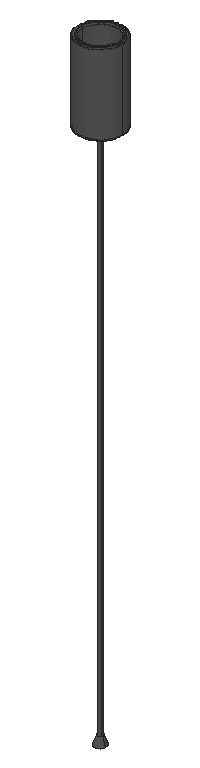
Revit family "CARLO CYLINDER LIGHT Pendant_ Surface", category Lighting Fixtures, host Face, Revit 2020 (continued)
Types (13): name | Wattage_Input | Wattage Comments | Wattage | built-in parameter 1150134 | Size 08 | Size 04 | Photometric Web File | built-in parameter 1150142 | Model | built-in parameter 1150105 | Lumens | built-in parameter 1150107 | built-in parameter 1150106 | Fixture Height | Fixture Diameter | BEAMING ANGLE | Apparent Load
  CCL4-07-20SPSW8-40-PSM-BK | 20 W | "12W/16W/20W" | 11.4446 W | (empty or 0) | no | yes | "CCL4_20W_2700K_40__.IES" | "IESNA:LM-63-2002\r\n[TEST] 001\r\n[TESTLAB] \r\n[TESTDATE] 2024-05-20\r\n[ISSUEDATE] 2024-05-20 13:34:57\r\n[LAMPPOSITION] 0,0\r\n[OTHER] EVERFINE GO-2000B_V1 SYSTEM\r\n[MANUFAC] Aboveall lighting\r\n[LUMINAIRE] CCL4 20W 2700K 40¡ã \r\nTILT=NONE\r\n1 1635.6 1 181 17 1 2 -0.104 -0.104 0.000\r\n1.000 1 20.1329\r\n0.0    1.0    2.0    3.0    4.0    5.0    6.0    7.0    8.0    9.0    \r\n 10.0   11.0   12.0   13.0   14.0   15.0   16.0   17.0   18.0   19.0   \r\n 20.0   21.0   22.0   23.0   24.0   25.0   26.0   27.0   28.0   29.0   \r\n 30.0   31.0   32.0   33.0   34.0   35.0   36.0   37.0   38.0   39.0   \r\n 40.0   41.0   42.0   43.0   44.0   45.0   46.0   47.0   48.0   49.0   \r\n 50.0   51.0   52.0   53.0   54.0   55.0   56.0   57.0   58.0   59.0   \r\n 60.0   61.0   62.0   63.0   64.0   65.0   66.0   67.0   68.0   69.0   \r\n 70.0   71.0   72.0   73.0   74.0   75.0   76.0   77.0   78.0   79.0   \r\n 80.0   81.0   82.0   83.0   84.0   85.0   86.0   87.0   88.0   89.0   \r\n 90.0   91.0   92.0   93.0   94.0   95.0   96.0   97.0   98.0   99.0   \r\n 100.0  101.0  102.0  103.0  104.0  105.0  106.0  107.0  108.0  109.0  \r\n 110.0  111.0  112.0  113.0  114.0  115.0  116.0  117.0  118.0  119.0  \r\n 120.0  121.0  122.0  123.0  124.0  125.0  126.0  127.0  128.0  129.0  \r\n 130.0  131.0  132.0  133.0  134.0  135.0  136.0  137.0  138.0  139.0  \r\n 140.0  141.0  142.0  143.0  144.0  145.0  146.0  147.0  148.0  149.0  \r\n 150.0  151.0  152.0  153.0  154.0  155.0  156.0  157.0  158.0  159.0  \r\n 160.0  161.0  162.0  163.0  164.0  165.0  166.0  167.0  168.0  169.0  \r\n 170.0  171.0  172.0  173.0  174.0  175.0  176.0  177.0  178.0  179.0  \r\n 180.0  \r\n0.0    22.5   45.0   67.5   90.0   112.5  135.0  157.5  180.0  202.5  \r\n 225.0  247.5  270.0  292.5  315.0  337.5  360.0  \r\n3342.6 3342.4 3330.1 3310.2 3279.5 3234.1 3176.6 3105.1 3022 2929.7 \r\n 2829.3 2719.4 2596.2 2455.9 2307.9 2148.4 1979.2 1809.9 1643.4 1484 \r\n 1330.6 1187.2 1068.7 950.48 854.87 774.83 713.41 669.5 639.18 616.72 \r\n 602.22 588.43 578.93 566.84 549.04 534.17 516.83 484.77 445.35 396.19 \r\n 345.88 292.95 240.13 186.35 139.01 98.265 57.591 35.791 29.465 24.645 \r\n 21.075 19.458 18.279 17.041 15.759 14.536 13.448 12.438 11.27 10.31 \r\n 9.2178 8.3254 7.397 6.5236 5.7384 4.9224 4.2452 3.5577 3.0211 2.4903 \r\n 2.0748 1.7322 1.4628 1.2887 1.1396 1.0305 0.93387 0.85722 0.78479 0.72831 \r\n 0.71179 0.6957 0.69156 0.64785 0.56391 0.47152 0.21616 0.14554 0.06525 0.0007226 \r\n 0 0 0 0 0 0 0 0 0 0 \r\n 0 0 0 0 0 0.0079599 0.027891 0.055939 0.088061 0.12023 \r\n 0.16035 0.20454 0.25275 0.29305 0.34122 0.39744 0.45772 0.50994 0.57015 0.63842 \r\n 0.70281 0.77907 0.86343 0.94788 1.0363 1.1367 1.2452 1.3538 1.4819 1.6225 \r\n 1.7712 1.9279 2.1086 2.2935 2.4905 2.6915 2.9045 3.1335 3.3628 3.6119 \r\n 3.8486 4.1057 4.3591 4.6244 4.8898 5.1473 5.4086 5.678 5.9434 6.1969 \r\n 6.4542 6.7069 6.9523 7.1897 7.4071 7.6163 7.8214 8.0146 8.1997 8.3727 \r\n 8.5496 8.7027 8.8471 8.976 9.0888 9.1935 9.2782 9.3348 9.3792 9.4155 \r\n 9.4477 9.46 9.48 9.4802 9.504 9.5242 9.5443 9.5803 9.6363 9.7165 \r\n 9.6912 \r\n3342.6 3346.1 3340 3323.9 3299.3 3267 3214.2 3150.7 3077.6 2990.4 \r\n 2895.1 2794.1 2668.2 2542.1 2399 2239.8 2078.6 1907.3 1736.4 1572.1 \r\n 1411.1 1260.5 1125.9 1006.6 902.98 811.06 741.63 688.63 652.34 624.96 \r\n 605.73 592.62 582.17 572.51 552.93 540.14 526.14 504.61 467.25 418.46 \r\n 367.63 316.45 263.97 211.49 160.57 110.55 68.329 38.744 29.223 24.77 \r\n 21.172 19.159 18.102 17.078 15.867 14.697 13.568 12.59 11.489 10.525 \r\n 9.5635 8.5718 7.7148 6.7403 5.9949 5.1646 4.4986 3.8407 3.1921 2.6912 \r\n 2.16 1.8133 1.5154 1.3061 1.153 1.0324 0.92759 0.84689 0.77032 0.75242 \r\n 0.73453 0.71663 0.69873 0.68083 0.55235 0.4947 0.32156 0.14474 0.072079 0 \r\n 0 0 0 0 0 0 0 0 0 0 \r\n 0 0 0.000102 0.012177 0.02025 0.028545 0.060763 0.085021 0.11328 0.14158 \r\n 0.18595 0.22631 0.26671 0.31118 0.36363 0.4121 0.46465 0.52516 0.58175 0.64642 \r\n 0.71885 0.7875 0.86026 0.94506 1.0339 1.1268 1.2278 1.3329 1.4581 1.5874 \r\n 1.7328 1.8823 2.0474 2.2291 2.4109 2.6088 2.8187 3.0368 3.2629 3.4971 \r\n 3.7354 3.9856 4.236 4.5017 4.7601 5.0265 5.2969 5.5553 5.8257 6.0881 \r\n 6.3464 6.6047 6.8548 7.0929 7.3223 7.5402 7.746 7.9397 8.1374 8.319 \r\n 8.4925 8.6619 8.8112 8.9523 9.0773 9.1858 9.2745 9.343 9.4034 9.4437 \r\n 9.4719 9.496 9.5042 9.5284 9.5486 9.5729 9.6014 9.6537 9.7021 9.7461 \r\n 9.6912 \r\n3342.6 3345.6 3340.1 3328.4 3308 3277.6 3237 3179.7 3107.8 3027.3 \r\n 2931.7 2823.1 2700.5 2564.5 2417.6 2261.9 2098.2 1925.9 1756.4 1594.4 \r\n 1436.9 1286.3 1159 1032.1 922.8 831.26 755.15 697.79 658.42 630.24 \r\n 608.37 591.71 580.98 571.37 551.98 539.13 525.28 506.14 470.04 426.85 \r\n 373.88 320.25 266.37 209.91 159.21 115.52 71.914 41.865 31.251 26.071 \r\n 22.149 19.887 18.705 17.639 16.391 15.161 13.919 12.865 11.757 10.725 \r\n 9.7374 8.721 7.8573 6.8438 6.0441 5.2191 4.4498 3.8131 3.2259 2.7394 \r\n 2.2339 1.8883 1.5933 1.3779 1.2314 1.1057 1.0003 0.91507 0.83811 0.76524 \r\n 0.72043 0.70394 0.68376 0.68355 0.58769 0.54253 0.40611 0.19661 0.13017 0.029449 \r\n 0.00031113 0 0 0 0 0 0 0 0 0 \r\n 0 0 0 0 0 0 0.0079879 0.036053 0.068369 0.096737 \r\n 0.13705 0.18151 0.21401 0.26238 0.31493 0.35952 0.41603 0.47251 0.52915 0.60577 \r\n 0.66665 0.73533 0.80811 0.89293 0.97789 1.0708 1.1759 1.2691 1.3978 1.5233 \r\n 1.6687 1.8183 1.988 2.1579 2.3518 2.55 2.7523 2.9746 3.1971 3.4276 \r\n 3.6616 3.9082 4.159 4.4178 4.6807 4.9437 5.2147 5.4697 5.7366 5.9996 \r\n 6.2546 6.5048 6.7556 6.9984 7.2252 7.4477 7.6543 7.8486 8.0348 8.2249 \r\n 8.395 8.5609 8.7224 8.8522 8.9697 9.079 9.1763 9.2534 9.2942 9.3387 \r\n 9.3592 9.3794 9.4037 9.4199 9.444 9.4643 9.4846 9.5128 9.5531 9.6095 \r\n 9.6912 \r\n3342.6 3348.6 3345.3 3337.9 3319.3 3293.4 3258.9 3208.2 3140 3058.7 \r\n 2963.7 2859 2734 2593.6 2453 2293.2 2131.1 1962.6 1799.9 1637.5 \r\n 1477.5 1329.3 1189.9 1060.1 949.84 852.89 771.14 708.73 665.15 633.18 \r\n 610.13 591.57 577.59 567.13 551.3 539.41 525.81 507.83 475.39 430.77 \r\n 380.17 327.43 271.75 216.11 163.87 116.2 74.821 44.814 32.536 27.345 \r\n 23.063 20.455 19.294 18.095 16.813 15.555 14.266 13.19 12.078 10.963 \r\n 9.9595 8.8732 7.9312 6.9501 6.0804 5.2732 4.5233 3.89 3.2461 2.7673 \r\n 2.3055 1.9326 1.6209 1.3943 1.2321 1.0867 0.9812 0.88392 0.80278 0.72573 \r\n 0.65695 0.61259 0.60048 0.59612 0.55913 0.47399 0.39596 0.1659 0.10477 0.012075 \r\n 0 0 0 0 0 0 0 0 0 0 \r\n 0 0 0.000068 0.0082207 0.020396 0.032646 0.052939 0.07331 0.10172 0.1302 \r\n 0.17881 0.21534 0.25197 0.30067 0.34941 0.40217 0.45493 0.50777 0.56864 0.62964 \r\n 0.70241 0.76344 0.84461 0.92581 1.0111 1.1045 1.206 1.3076 1.4213 1.5473 \r\n 1.6894 1.8356 1.9976 2.1682 2.359 2.5499 2.757 2.9762 3.1994 3.4309 \r\n 3.6744 3.9139 4.1657 4.4247 4.6885 4.9483 5.2201 5.4759 5.7356 5.9994 \r\n 6.255 6.5067 6.7663 7.0057 7.2363 7.4594 7.6664 7.8733 8.068 8.2547 \r\n 8.4372 8.6036 8.7698 8.9158 9.0494 9.1546 9.2559 9.3328 9.3855 9.43 \r\n 9.4584 9.4786 9.4867 9.495 9.5193 9.5396 9.5681 9.6004 9.629 9.6814 \r\n 9.6912 \r\n3342.6 3347.2 3343.6 3334.9 3315.2 3290.8 3253.8 3201.6 3135.8 3052.2 \r\n 2956.9 2847.5 2725.1 2584 2442.6 2281.4 2119.4 1949.4 1788 1626.5 \r\n 1471.7 1324.7 1187.3 1061.5 949.5 850.64 768.19 706.54 663.38 631.11 \r\n 607.21 589.19 576.01 564.3 550.83 538.95 525.32 507.05 471.36 427.13 \r\n 376.77 322.79 268.85 216.71 164.61 116.25 73.951 42.681 32.208 27.536 \r\n 23.437 21.046 19.744 18.441 17.146 15.836 14.516 13.434 12.359 11.208 \r\n 10.195 9.0246 8.0525 7.0698 6.172 5.3541 4.5881 3.9505 3.2991 2.8074 \r\n 2.3322 1.9357 1.6181 1.3944 1.2178 1.0768 0.96679 0.87252 0.79377 0.71131 \r\n 0.64455 0.58978 0.56247 0.55436 0.52624 0.45157 0.38337 0.16844 0.097606 0.027242 \r\n 0 0 0 0 0 0 0 0 0 0 \r\n 0.000042 0.003934 0.0040219 0.011847 0.015919 0.031659 0.047447 0.067219 0.094763 0.12223 \r\n 0.14982 0.18138 0.22073 0.26012 0.30354 0.3585 0.40201 0.46483 0.51608 0.5751 \r\n 0.63405 0.70098 0.77185 0.84666 0.9254 1.0082 1.1027 1.2011 1.3035 1.4177 \r\n 1.5399 1.6774 1.8271 1.9924 2.1617 2.3428 2.528 2.7365 2.9454 3.1773 \r\n 3.3941 3.6381 3.8861 4.1411 4.3853 4.6567 4.9165 5.1839 5.4398 5.7034 \r\n 5.9632 6.2306 6.4863 6.7381 6.9852 7.2173 7.4416 7.6696 7.8782 8.0866 \r\n 8.2872 8.4799 8.6608 8.8298 8.983 9.1202 9.2341 9.3322 9.4029 9.4618 \r\n 9.5088 9.5403 9.5716 9.5913 9.611 9.6306 9.6465 9.678 9.7176 9.772 \r\n 9.6912 \r\n3342.6 3344.3 3335.7 3319.5 3296.3 3264.9 3218.5 3162.9 3086.5 2996.6 \r\n 2895.7 2785.3 2656.3 2516.3 2369.1 2208.2 2042.9 1876.4 1715.3 1558.5 \r\n 1407.7 1265.5 1142.7 1020 910.39 816.36 739.66 684.07 644.8 616.34 \r\n 596.71 581.22 567.99 555.26 544.11 532.72 518.84 492.31 453.32 407.08 \r\n 353.12 301.4 247.85 196.43 145.03 102.44 59.927 37.36 30.221 25.571 \r\n 22.145 20.321 18.744 17.61 16.346 15.128 13.958 13.055 11.923 10.958 \r\n 10.01 8.9393 8.0295 7.0075 6.1689 5.2536 4.5301 3.8633 3.2561 2.7516 \r\n 2.2637 1.8861 1.5614 1.3501 1.1949 1.0756 0.97623 0.88888 0.80556 0.72621 \r\n 0.66263 0.61491 0.57126 0.55131 0.49222 0.44844 0.31839 0.17573 0.1155 0.020632 \r\n 0.00016339 0 0 0 0 0 0 0 0 0 \r\n 0 0 0 0 0 0 0.011778 0.035455 0.055322 0.094795 \r\n 0.11873 0.15825 0.19398 0.24147 0.28512 0.32875 0.38418 0.4474 0.49907 0.55848 \r\n 0.62583 0.69324 0.76459 0.84384 0.91922 1.0103 1.1055 1.2085 1.3113 1.438 \r\n 1.5649 1.7036 1.862 2.0207 2.2068 2.3854 2.5835 2.7975 3.0117 3.2376 \r\n 3.4631 3.7009 3.9467 4.1965 4.4542 4.712 4.9815 5.2434 5.4972 5.7628 \r\n 6.0167 6.2738 6.5316 6.7697 7.0076 7.2338 7.4677 7.6781 7.8844 8.0827 \r\n 8.2731 8.4517 8.6218 8.7845 8.9157 9.0347 9.138 9.2254 9.2891 9.3446 \r\n 9.3844 9.4123 9.444 9.4678 9.4955 9.535 9.5708 9.5947 9.642 9.6818 \r\n 9.6912 \r\n3342.6 3339.7 3326.1 3305.4 3275 3232 3179.5 3116.4 3032 2942.5 \r\n 2838.3 2723.7 2589.8 2455.6 2306.8 2146.6 1984.5 1817.4 1660.9 1504.8 \r\n 1358.4 1221 1092.3 975.7 872.31 781.7 712.74 666.29 632.4 610.57 \r\n 590.7 575.45 564.09 550 538.66 526.75 510.12 478.65 437.12 391.44 \r\n 339.44 286.69 233.34 180 127.75 85.055 51.319 35.074 29.874 25.359 \r\n 22.422 20.477 18.408 17.103 15.825 14.459 13.359 12.407 11.21 10.377 \r\n 9.297 8.371 7.4372 6.5008 5.6814 4.9008 4.2696 3.5733 3.0705 2.5721 \r\n 2.1102 1.736 1.4418 1.2389 1.0838 0.97248 0.87288 0.78912 0.70944 0.64159 \r\n 0.57402 0.5304 0.51045 0.48987 0.41814 0.35314 0.19849 0.099129 0.039478 0 \r\n 0 0 0 0 0 0 0 0 0 0 \r\n 0 0.0001308 0.012014 0.016095 0.028161 0.048066 0.064078 0.08413 0.11211 0.14399 \r\n 0.17991 0.21587 0.25582 0.2998 0.35164 0.39957 0.45145 0.50343 0.56334 0.62723 \r\n 0.69493 0.76672 0.83469 0.91459 1.0024 1.0942 1.1862 1.2939 1.3979 1.5218 \r\n 1.6654 1.797 1.9568 2.1323 2.3081 2.4998 2.7034 2.911 3.1266 3.3541 \r\n 3.5856 3.8214 4.0806 4.3275 4.5909 4.8504 5.1176 5.3771 5.6404 5.8998 \r\n 6.1593 6.4225 6.6777 6.9132 7.1558 7.3753 7.5986 7.8061 8.0094 8.197 \r\n 8.3844 8.5599 8.7233 8.8748 9.0103 9.1294 9.2251 9.3088 9.3883 9.432 \r\n 9.4638 9.48 9.5156 9.5318 9.5637 9.5917 9.6275 9.6634 9.6994 9.7432 \r\n 9.6912 \r\n3342.6 3331.2 3311.3 3280.3 3235.7 3182.5 3121.1 3041.9 2951.5 2856.2 \r\n 2748.6 2624.3 2487.6 2341 2186.7 2027.2 1862.1 1702.6 1548.5 1399.7 \r\n 1260.1 1135.7 1011.5 902.63 809.35 734.76 680.7 643 618.06 598.08 \r\n 581.05 568.27 553.64 541.84 531.36 517.22 491.88 454.64 409.9 361.4 \r\n 309.32 254.44 199.83 147.91 105.69 63.564 39.621 31.913 26.709 23.099 \r\n 21.156 18.606 17.335 15.99 14.726 13.579 12.656 11.492 10.588 9.5749 \r\n 8.6525 7.7849 6.8359 6.0489 5.2516 4.5852 3.9199 3.3143 2.8125 2.3076 \r\n 1.9061 1.5809 1.3564 1.1954 1.059 0.95447 0.86616 0.79389 0.70984 0.64158 \r\n 0.60525 0.57713 0.57294 0.48961 0.4491 0.31379 0.16166 0.10467 0.024738 0.00020399 \r\n 0 0 0 0 0 0 0 0 0 0 \r\n 0 0 0 0 0 0.015908 0.031894 0.059827 0.091847 0.11994 \r\n 0.15593 0.19994 0.24402 0.28413 0.33612 0.38424 0.45222 0.50032 0.56031 0.62439 \r\n 0.68851 0.76454 0.84068 0.92079 1.0129 1.113 1.2092 1.3173 1.4411 1.5693 \r\n 1.7173 1.8696 2.0338 2.21 2.4022 2.5945 2.8107 3.0271 3.2515 3.4838 \r\n 3.7236 3.968 4.2243 4.4808 4.7412 5.0057 5.2742 5.5347 5.7952 6.0596 \r\n 6.3122 6.5759 6.8205 7.057 7.2895 7.51 7.7185 7.9229 8.1193 8.3077 \r\n 8.4762 8.6445 8.8004 8.9329 9.0533 9.1616 9.238 9.3062 9.3505 9.3906 \r\n 9.4227 9.4428 9.451 9.4629 9.4908 9.5109 9.5548 9.6068 9.6668 9.715 \r\n 9.6912 \r\n3342.6 3327.7 3303.1 3264.5 3209.2 3149.4 3076.9 2994.2 2899.2 2802.9 \r\n 2682 2560.8 2419.3 2268 2111.6 1948.3 1787.3 1626.2 1477.4 1332.6 \r\n 1194.1 1068.2 955.21 852.67 769.75 706.92 660.54 630.36 608.83 590.7 \r\n 575.34 564.2 551.31 539.83 527.18 510.64 478.59 438.1 388.92 337.27 \r\n 285.27 232.41 179.58 130.23 85.231 50.779 35.259 29.863 24.584 21.454 \r\n 19.558 17.795 16.511 15.197 13.968 12.923 11.941 10.833 9.9466 8.8997 \r\n 8.0744 7.1788 6.3748 5.5949 4.8344 4.2225 3.5484 3.0179 2.5198 2.0665 \r\n 1.7093 1.421 1.2364 1.0801 0.96776 0.87552 0.7832 0.70692 0.6427 0.59069 \r\n 0.56277 0.55468 0.54167 0.44951 0.38335 0.17188 0.091826 0.027854 0 0 \r\n 0 0 0 0 0 0 0 0 0 0 \r\n 0.000086 0.0081287 0.016216 0.028373 0.048339 0.056669 0.088743 0.11297 0.14509 0.17329 \r\n 0.21354 0.25773 0.29799 0.34236 0.39862 0.45094 0.50724 0.56359 0.62396 0.68845 \r\n 0.76461 0.837 0.90955 0.99802 1.0867 1.1912 1.2957 1.3967 1.5294 1.6663 \r\n 1.8152 1.9717 2.1407 2.3219 2.519 2.7241 2.9334 3.1587 3.3881 3.6333 \r\n 3.8708 4.1281 4.3816 4.6422 4.8997 5.169 5.4265 5.6919 5.9571 6.2066 \r\n 6.4679 6.7251 6.9703 7.2035 7.4319 7.6451 7.8581 8.059 8.248 8.4329 \r\n 8.6096 8.7664 8.9189 9.0514 9.1677 9.2598 9.3361 9.3962 9.4363 9.4684 \r\n 9.4925 9.5124 9.5166 9.5325 9.5368 9.5608 9.581 9.6133 9.6617 9.7179 \r\n 9.6912 \r\n3342.6 3325 3293.4 3247.7 3186.8 3119.1 3040.5 2947 2849.4 2744.2 \r\n 2620.3 2482.2 2332.4 2177.8 2019.9 1855.2 1693.4 1538.6 1391.9 1248.4 \r\n 1126.2 1004.1 897.68 807.32 736.86 684.36 647.34 620.19 599.57 584.06 \r\n 572.51 560.69 549.36 537.33 522.63 501.34 464.86 416.85 365.92 314.52 \r\n 260.47 207.74 155.2 110.1 65.066 38.492 29.991 25.271 21.746 19.901 \r\n 18.485 17.388 16.254 15.064 13.913 12.955 11.81 10.844 9.8227 8.8134 \r\n 7.9285 6.927 6.1217 5.2465 4.5345 3.864 3.2139 2.7161 2.1996 1.8391 \r\n 1.5359 1.3172 1.1718 1.0504 0.94133 0.86033 0.7796 0.71487 0.6783 0.66198 \r\n 0.64583 0.6417 0.54554 0.48088 0.31639 0.16688 0.10149 0.024902 0.00021139 0 \r\n 0 0 0 0 0 0 0 0 0 0 \r\n 0 0 0 0 0.0080102 0.032108 0.056262 0.076484 0.11666 0.14903 \r\n 0.18932 0.22969 0.27005 0.32243 0.37891 0.43542 0.48793 0.54426 0.60876 0.67735 \r\n 0.75397 0.82666 0.91132 0.99609 1.0969 1.2018 1.2987 1.4197 1.5604 1.7057 \r\n 1.859 2.0244 2.2019 2.3955 2.6013 2.8031 3.021 3.251 3.4851 3.7272 \r\n 3.9767 4.227 4.4893 4.7556 5.0181 5.2884 5.5389 5.8052 6.0636 6.3219 \r\n 6.5723 6.8258 7.0642 7.2903 7.5084 7.7104 7.9162 8.1061 8.2878 8.4574 \r\n 8.6189 8.7684 8.8934 9.0025 9.1075 9.1845 9.2492 9.2897 9.3181 9.3424 \r\n 9.3586 9.3707 9.3908 9.403 9.4271 9.4633 9.4996 9.5279 9.5842 9.6447 \r\n 9.6912 \r\n3342.6 3323.9 3291.5 3244.2 3180.9 3109.9 3026.9 2935.8 2835.3 2730.4 \r\n 2598 2465.4 2314.4 2155.9 1993.4 1828.6 1668.9 1509.9 1364.5 1222.3 \r\n 1092.9 976.33 874.48 792.02 729.38 679.81 645.32 620.95 602.23 585.99 \r\n 574.17 561.09 547.85 535.59 521.65 496.92 458.5 413.17 358.41 304.6 \r\n 250.49 196.4 143.92 99.354 61.363 37.518 29.741 24.712 21.082 19.438 \r\n 18.021 16.855 15.581 14.339 13.228 12.243 11.117 10.177 9.1544 8.2005 \r\n 7.3269 6.4701 5.6894 4.918 4.2525 3.602 3.0363 2.535 2.0671 1.7239 \r\n 1.4417 1.2522 1.1149 0.99784 0.90105 0.82843 0.80534 0.78226 0.75917 0.73609 \r\n 0.713 0.68992 0.54113 0.46656 0.24923 0.12458 0.060063 0 0 0 \r\n 0 0 0 0 0 0 0 0 0 0.000042 \r\n 0.0041311 0.012222 0.020359 0.032588 0.052864 0.077138 0.10146 0.12978 0.15825 0.19856 \r\n 0.23505 0.27956 0.3241 0.37274 0.42929 0.47793 0.53467 0.59935 0.66008 0.72491 \r\n 0.79766 0.88258 0.96358 1.0526 1.1419 1.255 1.3564 1.4779 1.6155 1.7574 \r\n 1.9193 2.0848 2.263 2.4573 2.6597 2.8741 3.0887 3.3193 3.5501 3.7968 \r\n 4.0357 4.2946 4.5496 4.8159 5.0829 5.3459 5.6129 5.8799 6.1428 6.4017 \r\n 6.6564 6.8991 7.1376 7.36 7.5778 7.784 7.9781 8.1681 8.3421 8.5159 \r\n 8.6735 8.8149 8.9441 9.0532 9.1461 9.2264 9.2748 9.311 9.3192 9.3434 \r\n 9.359
